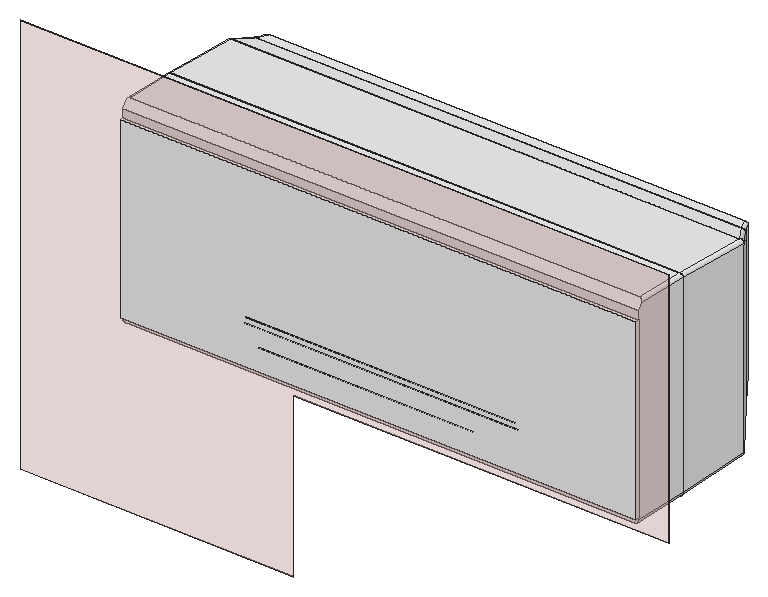
Revit family "PKFY-P15VLM-E(ET)", category Mechanical Equipment, host Wall, Revit 2016
Family settings
  Host = Wall
  Part Type = Normal
  Round Connector Dimension = Use Radius
  OmniClass Number = 23.75.00.00
  OmniClass Title = Climate Control (HVAC)
  Always vertical = Yes
  Cut with Voids When Loaded = No
  Shared = No
  Room Calculation Point = No
Parameters (values of type "PKFY-P15VLM-E(ET)_220V50Hz")
  Width (mm) = 773.000 mm
  Voltage = 220 V
  Unit Weight (kg) = 11.00 kg
  URL = "http://www.mitsubishielectric.com/"
  Subcategory = "HVAC"
  Space View = yes
  Refrigerant control device = "LEV"
  Protection Device = "Fuse"
  Phase = 1
  Outdoor unit refrigerant type = "R410A"
  Noise level (Low-Mid2-Mid1-High) (dB<A>) = "22 - 24 - 26 - 28 (measured in anechoic room)"
  Model = "PKFY-P15VLM-E(ET)"
  Manufacturer = "Mitsubishi Electric Corporation"
  Liquid pipe_radius (mm) = 3.175 mm
  Insulation material = "Polyethylene sheet"
  Hertz = 50 Hz
  Height (mm) = 299.000 mm
  Heating capacity (kW) = 1.9
  Heating Power Input (kW) = 0.01
  Heating Current Input (A) = 0.15 A
  Heat exchanger = "Cross fin (Aluminum fin and copper tube)"
  Gas pipe_radius (mm) = 6.350 mm
  Fan motor type = "DC motor"
  Fan Type = "Line flow fan"
  Fan Quantity = 1
  Fan Motor Output (kW) = 0.03
  Fan External static press (Pa(mmH2O)) = "0 (0)"
  Fan Driving mechanism = "Direct driven"
  Fan Air flow rate (Low-Mid2-Mid1-High) (m3/min) = "4.0 -4.2 -4.4 - 4.7"
  External Finish = "Plastic"
  Drain pipe_radius (mm) = 8.000 mm
  Depth (mm) = 237.000 mm
  Cooling capacity (kW) = 1.7
  Cooling Power Input (kW) = 0.02
  Cooling Current Input (A) = 0.2 A
  Connectable outdoor unit = "CITY MULTI"
  Air fitter = "PP Honeycomb"
Types (5, lengths in mm): name | Voltage | Hertz
  PKFY-P15VLM-E(ET)_220V50Hz | 220 V | 50 Hz
  PKFY-P15VLM-E(ET)_230V50Hz | 230 V | 50 Hz
  PKFY-P15VLM-E(ET)_240V50Hz | 240 V | 50 Hz
  PKFY-P15VLM-E(ET)_220V60Hz | 220 V | 60 Hz
  PKFY-P15VLM-E(ET)_230V60Hz | 230 V | 60 Hz
Reference planes
  plane 1 "Wall": y = 0
  plane 2 "Center (Left/Right)": x = 0
  plane 3 "Back": y = 75
  plane 4 "TOP": z = 1800
  plane 5: z = 0
  plane 6: z = 5000
  plane 7: z = 0
  plane 8 "UNDER": z = 1501
  plane 9 "Backpanel": y = 80
  plane 10 "Right": x = -386.5
  plane 11 "Left": x = 386.5
  plane 12 "114": y = 277
  plane 13 "83": y = 163
  plane 14: x = -369.5
  plane 15: x = 369.5
  plane 16 "25": y = 302
  plane 17: x = -361.5
  plane 18: x = 361.5
  plane 19: z = 1793.368
  plane 20: y = 115
  plane 21: z = 1516
  plane 22: z = 1531
  plane 23: z = 1556
  plane 24 "FRONT": y = 317
  plane 25: y = 80
  plane 26: x = -536.5
  plane 27: x = -126.5
  plane 28: x = 436.5
  plane 29: z = 1855
  plane 30: z = 1251
  plane 31: z = 1494
Forms (mm)
  Extrusion 1, solid, material "Paint_1Y 9.2/0.2"
    sketch origin (0, 75, -700) x (1, 0, 0) y (0, 0, 1)
      loop
        line (386.5, 2475) -> (-386.5, 2475) -> (-386.5, 2209) -> (386.5, 2209) -> (386.5, 2475)
    from 0 to -5
  Extrusion 2, solid, material "Paint_1Y 9.2/0.2"
    sketch origin (0, 80, -700) x (0, 0, -1) y (1, 0, 0)
      loop
        line (-2500, 381.5) -> (-2500, -381.5)
        arc (-2500, -381.5) -> (-2498.536, -385.036) -> (-2495, -386.5) r 5
        line (-2495, -386.5) -> (-2206, -386.5)
        arc (-2206, -386.5) -> (-2202.464, -385.036) -> (-2201, -381.5) r 5
        line (-2201, -381.5) -> (-2201, 381.5)
        arc (-2201, 381.5) -> (-2202.464, 385.036) -> (-2206, 386.5) r 5
        line (-2206, 386.5) -> (-2495, 386.5)
        arc (-2495, 386.5) -> (-2498.536, 385.036) -> (-2500, 381.5) r 5
    from 0 to -83
  Extrusion 3, void
    sketch origin (0, 0, -700) x (0, 1, 0) y (0, 0, 1)
      loop
        line (89, 2500) -> (80, 2500) -> (80, 2487) -> (89, 2500)
    from 386.5 to -386.5
  Blend 4, solid, material "Paint_1Y 9.2/0.2"
    base sketch origin (0, 277, 0) x (0, 0, 1) y (-1, 0, 0)
      loop
        line (1796, -381.5) -> (1796, 381.5)
        arc (1796, 381.5) -> (1794.536, 385.036) -> (1791, 386.5) r 5
        line (1791, 386.5) -> (1510, 386.5)
        arc (1510, 386.5) -> (1506.464, 385.036) -> (1505, 381.5) r 5
        line (1505, 381.5) -> (1505, -381.5)
        arc (1505, -381.5) -> (1506.464, -385.036) -> (1510, -386.5) r 5
        line (1510, -386.5) -> (1791, -386.5)
        arc (1791, -386.5) -> (1794.536, -385.036) -> (1796, -381.5) r 5
    top sketch origin (0, 277, 0) x (0, 0, 1) y (-1, 0, 0)
      loop
        line (1793, -364.5) -> (1793, 364.5)
        arc (1793, 364.5) -> (1791.536, 368.036) -> (1788, 369.5) r 5
        line (1788, 369.5) -> (1559, 369.5)
        arc (1559, 369.5) -> (1555.464, 368.036) -> (1554, 364.5) r 5
        line (1554, 364.5) -> (1554, -364.5)
        arc (1554, -364.5) -> (1555.464, -368.036) -> (1559, -369.5) r 5
        line (1559, -369.5) -> (1788, -369.5)
        arc (1788, -369.5) -> (1791.536, -368.036) -> (1793, -364.5) r 5
    from 0 to -25
  Blend 5, solid, material "Paint_1Y 9.2/0.2"
    base sketch origin (0, 302, 0) x (0, 0, 1) y (-1, 0, 0)
      loop
        arc (1793, 364.5) -> (1791.536, 368.036) -> (1788, 369.5) r 5
        line (1788, 369.5) -> (1559, 369.5)
        arc (1559, 369.5) -> (1555.464, 368.036) -> (1554, 364.5) r 5
        line (1554, 364.5) -> (1554, -364.5)
        arc (1554, -364.5) -> (1555.464, -368.036) -> (1559, -369.5) r 5
        line (1559, -369.5) -> (1788, -369.5)
        arc (1788, -369.5) -> (1791.536, -368.036) -> (1793, -364.5) r 5
        line (1793, -364.5) -> (1793, 364.5)
    top sketch origin (0, 302, 0) x (0, 0, 1) y (-1, 0, 0)
      loop
        line (1793, -356.5) -> (1793, 356.5)
        arc (1793, 356.5) -> (1791.536, 360.036) -> (1788, 361.5) r 5
        line (1788, 361.5) -> (1590, 361.5)
        arc (1590, 361.5) -> (1586.464, 360.036) -> (1585, 356.5) r 5
        line (1585, 356.5) -> (1585, -356.5)
        arc (1585, -356.5) -> (1586.464, -360.036) -> (1590, -361.5) r 5
        line (1590, -361.5) -> (1788, -361.5)
        arc (1788, -361.5) -> (1791.536, -360.036) -> (1793, -356.5) r 5
    from 0 to -15
  Blend 6, solid, material "Paint_1Y 9.2/0.2"
    base sketch origin (0, 163, 0) x (0, 0, 1) y (-1, 0, 0)
      loop
        arc (1800, 381.5) -> (1798.536, 385.036) -> (1795, 386.5) r 5
        line (1795, 386.5) -> (1506, 386.5)
        arc (1506, 386.5) -> (1502.464, 385.036) -> (1501, 381.5) r 5
        line (1501, 381.5) -> (1501, -381.5)
        arc (1501, -381.5) -> (1502.464, -385.036) -> (1506, -386.5) r 5
        line (1506, -386.5) -> (1795, -386.5)
        arc (1795, -386.5) -> (1798.536, -385.036) -> (1800, -381.5) r 5
        line (1800, -381.5) -> (1800, 381.5)
    top sketch origin (0, 163, 0) x (0, 0, 1) y (-1, 0, 0)
      loop
        line (1796, -381.5) -> (1796, 381.5)
        arc (1796, 381.5) -> (1794.536, 385.036) -> (1791, 386.5) r 5
        line (1791, 386.5) -> (1510, 386.5)
        arc (1510, 386.5) -> (1506.464, 385.036) -> (1505, 381.5) r 5
        line (1505, 381.5) -> (1505, -381.5)
        arc (1505, -381.5) -> (1506.464, -385.036) -> (1510, -386.5) r 5
        line (1510, -386.5) -> (1791, -386.5)
        arc (1791, -386.5) -> (1794.536, -385.036) -> (1796, -381.5) r 5
    from 0 to -114
  Extrusion 7, solid
    sketch origin (-386.5, 0, 5) x (0, 0, -1) y (0, 1, 0)
      loop
        circle (-1511, 115) r 3.175
    from 178 to 601
  Extrusion 8, solid
    sketch origin (-386.5, 0, -5) x (0, 0, -1) y (0, 1, 0)
      loop
        circle (-1536, 115) r 6.35
    from 192 to 552
  Extrusion 9, solid
    sketch origin (-386.5, 0, 0) x (0, 0, -1) y (0, 1, 0)
      loop
        circle (-1556, 115) r 8
    from 160 to 660
  Extrusion 10, solid, material "Service space", visible <- "Space View"
    sketch origin (0, 75, 0) x (1, 0, 0) y (0, 0, 1)
      loop
        line (-536.5, 1855) -> (-536.5, 1251) -> (-126.5, 1251) -> (-126.5, 1494) -> (436.5, 1494) -> (436.5, 1855) -> (-536.5, 1855)
    from 0 to -1
  Extrusion 11, solid
    sketch origin (-386.5, 0, 0) x (0, 0, -1) y (0, 1, 0)
      loop
        circle (-1556, 115) r 14.5
    from 160 to 655
  Extrusion 12, solid, material "Paint_1Y 9.2/ 0.2"
    sketch origin (0, 0, 0) x (0, 1, 0) y (0, 0, 1)
      loop
        line (187, 1554) -> (187, 1501.842) -> (277, 1505) -> (302, 1554) -> (187, 1554)
    from -187.5 to 337.5
Cuts and joins
  Extrusion 3 cuts Extrusion 2
Lines and regions (mm)
  model lines
    curve 1: line (386.5, 80, 1582) -> (386.5, 163, 1582)
    curve 2: line (-386.5, 80, 1582) -> (-386.5, 163, 1582)
Text (mm)
  text "Placement side" at (-1820.995, 1116.779, 0), in view "Ref. Level"
  text "Placement side" at (0, 1334.055, 2976.191), in view "Left"
  text "Placement side" at (0, 439.194, 2944.362), in view "Right"
Dimensions and locks
  locked: plane 3 "Back" to host wall
  Extrusion 9 to plane 10 "Right" = 160.000 mm
  Extrusion 9 to Extrusion 9 = 500.000 mm
  Extrusion 7 to plane 10 "Right" = 178.000 mm
  Extrusion 7 to Extrusion 7 = 423.000 mm
  Extrusion 8 to plane 10 "Right" = 192.000 mm
  Extrusion 8 to Extrusion 8 = 360.000 mm
  plane 11 "Left" to plane 10 "Right" = 773.000 mm
  plane 8 "UNDER" to plane 4 "TOP" = 299.000 mm
  plane 25 to plane 3 "Back" = 5.000 mm
  plane 24 "FRONT" to plane 25 = 237.000 mm
  plane 4 "TOP" to plane 29 = 55.000 mm
  plane 31 to plane 8 "UNDER" = 7.000 mm
  plane 30 to plane 8 "UNDER" = 250.000 mm
  plane 10 "Right" to plane 26 = 150.000 mm
  plane 27 to plane 10 "Right" = 260.000 mm
  plane 28 to plane 11 "Left" = 50.000 mm
  plane 11 "Left" to plane 2 "Center (Left/Right)" = 386.500 mm
  plane 2 "Center (Left/Right)" to plane 10 "Right" = 386.500 mm
  Extrusion 12 to plane 10 "Right" = 199.000 mm
  Extrusion 12 to Extrusion 12 = 525.000 mm
  Blend 6 to Extrusion 12 = 49.000 mm
  aligned and locked: plane 1 "Wall" to host wall
Connectors
  piping at (214.5, 115, 1516), diameter 6.35, driven by "Liquid pipe_radius (mm)"
    settings: on Extrusion 7, index 1, connector inside diameter 609.6 mm, connector length 0.000 mm, flow factor 0, pipe flow 0.0 L/s, pressure drop 0.0 Pa, fitting loss kfactor 0, connector angle 0.00°, fixture units 0, engagement length 0.000 mm, angle of deflection 0.00°, flow configuration 0, flow direction 0, fitting loss method 0, system type 22, joint type 0, gender type 0, connector reference index -1, connector utility 0, adjustable connector no, is connector primary yes, connector description "Liquid Pipe"
  piping at (165.5, 115, 1531), diameter 12.7, driven by "Gas pipe_radius (mm)"
    settings: on Extrusion 8, index 2, connector inside diameter 609.6 mm, connector length 0.000 mm, flow factor 0, pipe flow 0.0 L/s, pressure drop 0.0 Pa, fitting loss kfactor 0, connector angle 0.00°, fixture units 0, engagement length 0.000 mm, angle of deflection 0.00°, flow configuration 0, flow direction 0, fitting loss method 0, system type 22, joint type 0, gender type 0, connector reference index -1, connector utility 0, adjustable connector no, is connector primary no, connector description "Gas Pipe"
  piping at (273.5, 115, 1556), diameter 16, driven by "Drain pipe_radius (mm)"
    settings: on Extrusion 9, index 3, connector inside diameter 609.6 mm, connector length 0.000 mm, flow factor 0, pipe flow 0.0 L/s, pressure drop 0.0 Pa, fitting loss kfactor 0, connector angle 0.00°, fixture units 0, engagement length 0.000 mm, angle of deflection 0.00°, flow configuration 0, flow direction 0, fitting loss method 0, system type 22, joint type 0, gender type 0, connector reference index -1, connector utility 0, adjustable connector no, is connector primary no, connector description "Drain Pipe"
  electrical at (0, 80, 1642), driven by "Voltage", driven by "Phase"
    settings: on Extrusion 1, index 4, voltage 220 V, apparent load 0 VA, apparent load phase1 0 VA, apparent load phase2 0 VA, apparent load phase3 0 VA, power factor 1, load classification "Other", number of poles 1, system type 30, power factor state 1, is connector primary yes, connector utility no, sub classification motor no, connector description ""
